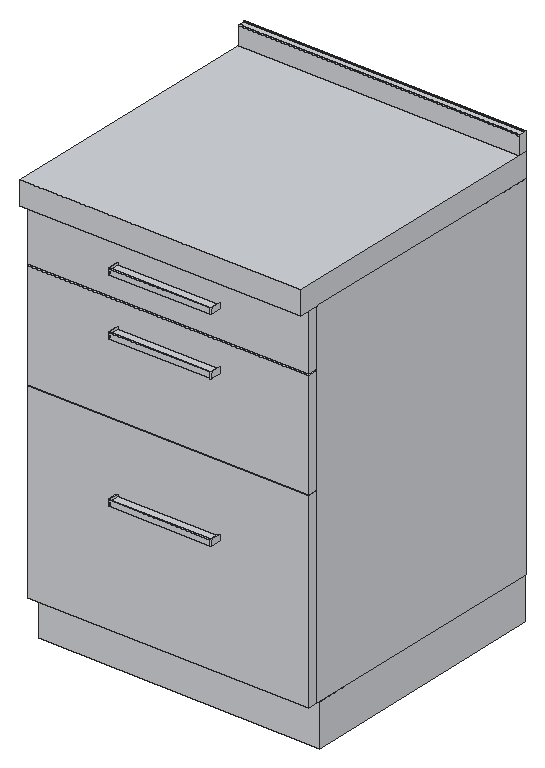
Revit family
Parameters (values of type "600 X 600 X 900mm")
  Top Material = none
  Material = none
  Handle Material = none
  Depth = 600 mm
  Height = 900 mm
  Width = 600 mm
  Assembly Code = ""
Types (4, lengths in mm): name | Width | Assembly Code
  (no name) | 600 | ""
  600 x 450 x 900mm | 450 | "C1030400"
  600 X 600 X 900mm | 600 | ""
  600 x 400 x 900mm | 400 | "C1030400"
Reference planes
  plane 1 "Back": y = 0
  plane 2: z = 0
  plane 3 "Center (Left/Right)": x = 44.7
  plane 4 "Front": y = -600
  plane 5 "Left": x = -255.3
  plane 6 "Right": x = 344.7
  plane 7 "Top": z = 900
  plane 8: z = 90
  plane 9: z = 850
  plane 10: z = 727
Forms (mm)
  Extrusion 1, solid
    sketch origin (0, 0, 0) x (1, 0, 0) y (0, 1, 0)
      loop
        line (-255.3, 0) -> (-255.3, -558) -> (-233.3, -558) -> (-233.3, -22) -> (322.7, -22) -> (322.7, -558) -> (344.7, -558) -> (344.7, 0) -> (-255.3, 0)
    from 90 to 850
  Extrusion 2, solid, material <- "Top Material"
    sketch origin (0, 0, 900) x (0, -1, 0) y (-1, 0, 0)
      loop
        line (0, 255.3) -> (0, -344.7) -> (600, -344.7) -> (600, 255.3) -> (0, 255.3)
    from 0 to 50
  Extrusion 3, solid, material <- "Material"
    sketch origin (0, 0, 900) x (0, -1, 0) y (-1, 0, 0)
      loop
        line (0.534, 255.3) -> (0.534, -344.7) -> (550.534, -344.7) -> (550.534, 255.3) -> (0.534, 255.3)
    from 810 to 900
  Sweep 4, solid, material <- "Top Material"
    path origin (0, 0, 900) x (0, -1, 0) y (1, 0, 0)
      loop
        line (0, 344.7) -> (0, -255.3)
    profile origin (44.7, 0, 0) x (0, -1, 0) y (0, 0, 1)
      loop
        line (0, 900) -> (15, 900) -> (15, 938)
        arc (15, 938) -> (14.414, 939.414) -> (13, 940) r 2
        line (13, 940) -> (1.504, 940) -> (1.504, 942.003) -> (0, 942.003) -> (0, 900)
  Extrusion 5, solid, material <- "Material"
    sketch origin (-255.3, -558, 850) x (0, 0, -1) y (1, 0, 0)
      loop
        line (0, 0) -> (120, 0) -> (120, 600) -> (0, 600) -> (0, 0)
      loop
        line (123, 0) -> (351.5, 0) -> (351.5, 600) -> (123, 600) -> (123, 0)
      loop
        line (353.5, 600) -> (353.5, 0) -> (760, 0) -> (760, 600) -> (353.5, 600)
    from 0 to 22
Dimensions and locks
  "Width": plane 6 "Right" to plane 5 "Left"
  equal spacing: plane 6 "Right", plane 3 "Center (Left/Right)", plane 5 "Left"
  "Depth": plane 4 "Front" to plane 1 "Back"
  "Height": level to plane 7 "Top"
  locked: Extrusion 1 sketch curve to Extrusion 1 sketch curve at 22  (x3)
  locked: plane 8 to level at 90
  plane 7 "Top" to plane 9 = 50 mm
  equal spacing: plane 5 "Left", nested 1, plane 6 "Right"
  plane 10 to plane 8 = 637 mm
  aligned and locked: Extrusion 1 sketch curve to plane 6 "Right"
  aligned and locked: plane 1 "Back" to Extrusion 1 sketch curve
  aligned and locked: plane 5 "Left" to Extrusion 1 sketch curve
  aligned and locked: Extrusion 1 to plane 9
  aligned and locked: plane 8 to Extrusion 1
Automatic sketch dimensions
  Extrusion 2 sketch curve to plane 1 "Back" = 0 mm
  Extrusion 2 sketch curve to plane 4 "Front" = 0 mm
  Extrusion 2 sketch curve to plane 5 "Left" = 0 mm
  Extrusion 2 sketch curve to plane 6 "Right" = 0 mm
  plane 1 "Back" to Extrusion 3 sketch curve = 0.534 mm
  Extrusion 3 sketch curve to plane 5 "Left" = 0 mm
  Extrusion 3 sketch curve to plane 6 "Right" = 0 mm
  Extrusion 3 sketch curve to plane 4 "Front" = 49.466 mm
  Sweep 4 sketch curve to plane 1 "Back" = 0 mm
  Sweep 4 sketch curve to plane 5 "Left" = 0 mm
  Sweep 4 sketch curve to plane 6 "Right" = 0 mm
  Sweep 4 sketch curve to profile plane = 0 mm  (x2)
  Sweep 4 sketch curve to profile plane = 1.504 mm
  Sweep 4 sketch curve to Sweep 4 sketch curve = 11.496 mm
  Sweep 4 sketch curve to profile plane = 15 mm
  profile plane to Sweep 4 sketch curve = 38 mm
  Sweep 4 sketch curve to Sweep 4 sketch curve = 2.003 mm
  Extrusion 1 sketch curve to plane 4 "Front" = 42 mm  (x2)
  Extrusion 5 sketch curve to plane 6 "Right" = 0 mm  (x3)
  Extrusion 5 sketch curve to plane 9 = 0 mm
  Extrusion 5 sketch curve to plane 5 "Left" = 0 mm  (x3)
  Extrusion 5 sketch curve to plane 10 = 0 mm
  Extrusion 5 sketch curve to plane 8 = 0 mm
  plane 10 to Extrusion 5 sketch curve = 3 mm
  Extrusion 5 sketch curve to Extrusion 5 sketch curve = 228.5 mm
  Extrusion 5 sketch curve to Extrusion 5 sketch curve = 2 mm
Nested families
  nested 1: "Casework Handle" at (319.577, -603, 787.18), type "220 x 23mm"
  nested 2: "Casework Handle" at (319.577, -603, 664.18), type "220 x 23mm"
  nested 3: "Casework Handle" at (319.577, -603, 343.68), type "220 x 23mm"
Definition of nested family "Casework Handle"
  Parameters (values of type "220 x 23mm")
    Material = none
  Reference planes
    plane 1 "Center (Front/Back)": y = 0
    plane 2: z = 0
    plane 3 "Center (Left/Right)": x = -274.877
    plane 4: x = -384.877
    plane 5: x = -164.877
    plane 6: y = 23
    plane 7: z = 12
  Forms (mm)
    Sweep 1, solid, material <- "Material"
      path origin (0, 0, 0) x (1, 0, 0) y (0, 1, 0)
        loop
          line (-384.877, 23) -> (-384.877, 2.5)
          arc (-384.877, 2.5) -> (-384.145, 0.732) -> (-382.377, 0) r 2.5
          line (-382.377, 0) -> (-167.377, 0)
          arc (-167.377, 0) -> (-165.609, 0.732) -> (-164.877, 2.5) r 2.5
          line (-164.877, 2.5) -> (-164.877, 23)
      profile origin (0, 12.75, 0) x (1, 0, 0) y (0, 0, 1)
        loop
          line (-384.877, 0) -> (-382.877, 0) -> (-382.877, 12) -> (-384.877, 12) -> (-384.877, 0)
    Extrusion 2, solid, material <- "Material"
      sketch origin (0, 0, 0) x (1, 0, 0) y (0, 1, 0)
        loop
          arc (-382.877, 2.5) -> (-382.731, 2.146) -> (-382.377, 2) r 0.5
          line (-382.377, 2) -> (-167.377, 2)
          arc (-167.377, 2) -> (-167.023, 2.146) -> (-166.877, 2.5) r 0.5
          line (-166.877, 2.5) -> (-166.877, 23) -> (-382.877, 23) -> (-382.877, 2.5)
      from 2.765 to 9.254
  Dimensions and locks
    equal spacing: plane 4, plane 3 "Center (Left/Right)", plane 5
